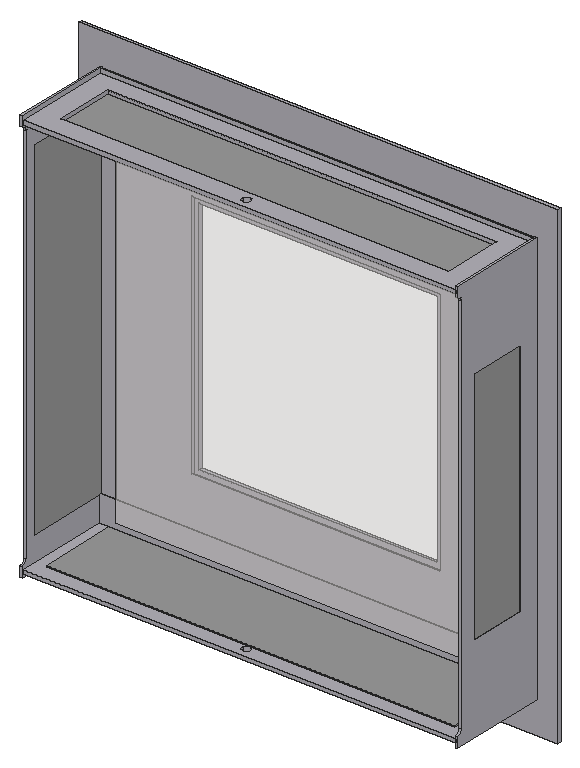
Revit family "Lighting - Lumetta - Sconce - W1612XX", category Lighting Fixtures, host Wall, Revit 2015
Parameters
  Wattage = 7.20335 W
  W1612XX URL [instance] = "https://lumetta.com/luminaires/silhouette-choices-12-sconce-2/"
  W1612XX Style [instance] = 1
  W161206 - Xina [instance] = W1612XX Style = 6  # no
  W161205 - Traverse [instance] = W1612XX Style = 5  # no
  W161204 - Moroccan [instance] = W1612XX Style = 4  # no
  W161203 - Scallop [instance] = W1612XX Style = 3  # no
  W161202 - Diamond [instance] = W1612XX Style = 2  # no
  W161201 - Simple [instance] = W1612XX Style = 1  # yes
  built-in parameter 1150110 = 1 (stored number, unit not read)
  URL = "https://lumetta.com/luminaires/silhouette-choices-12-sconce-2/"
  built-in parameter 1114217 = 1 (stored number, unit not read)
  built-in parameter 1150109 = 1 (stored number, unit not read)
  built-in parameter 1150134 = (empty or 0)
  built-in parameter 1150113 = 1 (stored number, unit not read)
  Model = "W1612XX"  # constant formula
  Manufacturer = "Lumetta, Inc."  # constant formula
  Lumens = 1070 lm
  built-in parameter 1150115 = 1 (stored number, unit not read)
  built-in parameter 1150105 = 85.148 (stored number, unit not read)
  Light Source Symbol Size = 0' - 1"
  built-in parameter 1150137 = (empty or 0)
  built-in parameter 1150139 = (empty or 0)
  built-in parameter 1150112 = 1 (stored number, unit not read)
  built-in parameter 1150114 = 1 (stored number, unit not read)
  built-in parameter 1150132 = 2
  built-in parameter 1150102 = (empty or 0)
  built-in parameter 1150138 = (empty or 0)
  built-in parameter 1150107 = 3000 (stored number, unit not read)
  built-in parameter 1150106 = 0.85148 (stored number, unit not read)
  Frame Finish [instance] = Paint - Lumetta - F02 - PC_Chrome
  built-in parameter 1150104 = 13.8 (stored number, unit not read)
  Dimming Lamp Color Temperature Shift = 1
  Diffuser Material [instance] = Shade - Lumetta - D61 - MT_White
  Description = "Silhouette Choices 12'' Sconce Various Styles"  # constant formula
  Color Filter = 16777215
  built-in parameter 1114218 = 1 (stored number, unit not read)
  built-in parameter 1150133 = 10 (stored number, unit not read)
Reference planes (in)
  plane 1: y = 0
  plane 2 "Light Source Axis (F/B)": y = 4
  plane 3 "Light Source Axis (L/R)": x = -1.43133
  plane 4 "Light Source Elevation": z = 77.42225
  plane 5 "Sconce-BTM": z = 71.42225
  plane 6 "Sconce-TOP": z = 83.42225
  plane 7 "Wall-Face": y = 3.00396
  plane 8 "Sconce Face": y = 5.5938
Forms (in)
  Extrusion 1, void
    sketch origin (0, 0, 83.42225) x (0, 1, 0) y (-1, 0, 0)
      loop
        circle (3.25396, 1.43133) r 0.10902
    from -12 to 0
  Extrusion 2, solid, material "Paint - Lumetta - F02 - PC_Chrome" <- "Frame Finish"
    sketch origin (-1.43133, 0, 0) x (0, -1, 0) y (0, 0, 1)
      loop
        line (-3.00396, 82.42225) -> (-3.00396, 82.516) -> (-5.50005, 82.516) -> (-5.50005, 81.766) -> (-5.4063, 81.766) -> (-5.4063, 82.42225) -> (-3.00396, 82.42225)
      loop
        line (-3.00396, 72.42225) -> (-5.4063, 72.42225) -> (-5.4063, 73.0785) -> (-5.50005, 73.0785) -> (-5.50005, 72.3285) -> (-3.00396, 72.3285) -> (-3.00396, 72.42225)
    from -5.43284 to 5.42878
  Extrusion 3, void
    sketch origin (0, 0, 77.42225) x (0, 1, 0) y (-1, 0, 0)
      loop
        line (5.00396, 6.30633) -> (3.50396, 6.30633) -> (3.50396, -3.44367) -> (5.00396, -3.44367) -> (5.00396, 6.30633)
    from -6 to 6
  Extrusion 4, solid, material "Paint - Lumetta - F02 - PC_Chrome" <- "Frame Finish"
    sketch origin (-1.43133, 0, 0) x (0, -1, 0) y (0, 0, 1)
      loop
        arc (-3.00396, 72.48475) -> (-3.09235, 72.52136) -> (-3.12896, 72.60975) r 0.125
        line (-3.12896, 72.60975) -> (-3.12896, 82.23475)
        arc (-3.12896, 82.23475) -> (-3.09235, 82.32314) -> (-3.00396, 82.35975) r 0.125
        line (-3.00396, 82.35975) -> (-3.00396, 82.60975) -> (-5.50005, 82.60975) -> (-5.50005, 72.23475) -> (-3.00396, 72.23475) -> (-3.00396, 72.48475)
      loop
        line (-3.50005, 74.42225) -> (-3.50005, 80.42225) -> (-5.00005, 80.42225) -> (-5.00005, 74.42225) -> (-3.50005, 74.42225)
    from 5.42878 to 5.48462
  Extrusion 5, solid, material "Paint - Lumetta - F02 - PC_Chrome" <- "Frame Finish"
    sketch origin (-1.43133, 0, 0) x (0, -1, 0) y (0, 0, -1)
      loop
        line (-3.00396, -72.48475) -> (-3.00396, -72.23475) -> (-5.50005, -72.23475) -> (-5.50005, -82.60975) -> (-3.00396, -82.60975) -> (-3.00396, -82.35975)
        arc (-3.00396, -82.35975) -> (-3.09235, -82.32314) -> (-3.12896, -82.23475) r 0.125
        line (-3.12896, -82.23475) -> (-3.12896, -72.60975)
        arc (-3.12896, -72.60975) -> (-3.09235, -72.52136) -> (-3.00396, -72.48475) r 0.125
      loop
        line (-3.50396, -74.42225) -> (-5.00005, -74.42225) -> (-5.00005, -80.42225) -> (-3.50396, -80.42225) -> (-3.50396, -74.42225)
    from 5.43284 to 5.48868
  Extrusion 6, solid, material "Paint - Lumetta - F02 - PC_Chrome" <- "Frame Finish"
    sketch origin (0, 5.5938, 0) x (-1, 0, 0) y (0, 0, 1)
      loop
        line (-1.69367, 80.54725) -> (-1.69367, 74.29725) -> (4.55633, 74.29725) -> (4.55633, 80.54725) -> (-1.69367, 80.54725)
      loop
        line (6.86883, 82.60975) -> (-4.00617, 82.60975) -> (-4.00617, 72.23475) -> (6.86883, 72.23475) -> (6.86883, 82.60975)
    from -0.15185 to -0.0933
  Extrusion 7, solid, material "Acrylic - P95 - Etched White"
    sketch origin (0, 0, 77.42225) x (0, 1, 0) y (-1, 0, 0)
      loop
        line (3.37896, 6.86883) -> (3.37896, 6.83758) -> (5.44196, 6.83758) -> (5.44196, 6.86883) -> (3.37896, 6.86883)
      loop
        line (5.43755, -4.00617) -> (5.43755, -3.97492) -> (3.37896, -3.97492) -> (3.37896, -4.00617) -> (5.43755, -4.00617)
    from -4.375 to 4.375
  Extrusion 8, solid, material "Acrylic - P95 - Etched White"
    sketch origin (-1.43133, 0, 0) x (0, -1, 0) y (0, 0, 1)
      loop
        line (-5.3438, 82.42225) -> (-5.3438, 82.391) -> (-3.37896, 82.391) -> (-3.37896, 82.42225) -> (-5.3438, 82.42225)
      loop
        line (-5.34821, 72.42225) -> (-3.37896, 72.42225) -> (-3.37896, 72.4535) -> (-5.34821, 72.4535) -> (-5.34821, 72.42225)
    from -5.11955 to 5.12228
  Extrusion 9, solid, material "Shade - Lumetta - D61 - MT_White" <- "Diffuser Material"
    sketch origin (0.00293, 5.5938, 0) x (-1, 0, 0) y (0, 0, 1)
      loop
        line (-3.56575, 82.29725) -> (-3.56575, 72.54725) -> (6.43425, 72.54725) -> (6.43425, 82.29725) -> (-3.56575, 82.29725)
    from -0.15185 to -0.19641
  Extrusion 10, solid, material "Paint - Lumetta - F02 - PC_Chrome" <- "Frame Finish", visible <- "W161201 - Simple"
    sketch origin (0, 5.5938, 0) x (-1, 0, 0) y (0, 0, 1)
      loop
        line (-1.56867, 80.42225) -> (-1.56867, 74.42225) -> (4.43133, 74.42225) -> (4.43133, 80.42225) -> (-1.56867, 80.42225)
      loop
        line (7.43133, 83.42225) -> (-4.56867, 83.42225) -> (-4.56867, 71.42225) -> (7.43133, 71.42225) -> (7.43133, 83.42225)
    from 0 to -0.0933
  Extrusion 11, solid, material "Paint - Lumetta - F02 - PC_Chrome" <- "Frame Finish", visible <- "W161202 - Diamond"
    sketch origin (0, 5.5938, 0) x (-1, 0, 0) y (0, 0, 1)
      loop
        line (-0.61584, 79.23515) -> (0.12188, 78.18658) -> (0.85961, 79.23515) -> (0.12188, 80.28371) -> (-0.61584, 79.23515)
      loop
        line (1.15113, 79.23515) -> (1.88886, 78.18658) -> (2.62658, 79.23515) -> (1.88886, 80.28371) -> (1.15113, 79.23515)
      loop
        line (2.91811, 79.23515) -> (3.65584, 78.18658) -> (4.39356, 79.23515) -> (3.65584, 80.28371) -> (2.91811, 79.23515)
      loop
        line (-1.49604, 77.98072) -> (-0.75832, 76.93216) -> (-0.02059, 77.98072) -> (-0.75832, 79.02928) -> (-1.49604, 77.98072)
      loop
        line (0.27093, 77.98072) -> (1.00866, 76.93216) -> (1.74639, 77.98072) -> (1.00866, 79.02928) -> (0.27093, 77.98072)
      loop
        line (-0.61584, 76.72524) -> (0.12188, 75.67668) -> (0.85961, 76.72524) -> (0.12188, 77.7738) -> (-0.61584, 76.72524)
      loop
        line (2.03791, 77.98072) -> (2.77564, 76.93216) -> (3.51336, 77.98072) -> (2.77564, 79.02928) -> (2.03791, 77.98072)
      loop
        line (1.15113, 76.72524) -> (1.88886, 75.67668) -> (2.62658, 76.72524) -> (1.88886, 77.7738) -> (1.15113, 76.72524)
      loop
        line (2.91811, 76.72524) -> (3.65584, 75.67668) -> (4.39356, 76.72524) -> (3.65584, 77.7738) -> (2.91811, 76.72524)
      loop
        line (-1.49604, 75.47081) -> (-0.75832, 74.42225) -> (-0.02059, 75.47081) -> (-0.75832, 76.51938) -> (-1.49604, 75.47081)
      loop
        line (0.27093, 75.47081) -> (1.00866, 74.42225) -> (1.74639, 75.47081) -> (1.00866, 76.51938) -> (0.27093, 75.47081)
      loop
        line (2.03791, 75.47081) -> (2.77564, 74.42225) -> (3.51336, 75.47081) -> (2.77564, 76.51938) -> (2.03791, 75.47081)
      loop
        line (-1.56867, 80.17508) -> (-1.56867, 78.29521) -> (-0.90737, 79.23515) -> (-1.56867, 80.17508)
      loop
        line (4.43133, 76.36119) -> (3.80489, 75.47081) -> (4.43133, 74.58044) -> (4.43133, 76.36119)
      loop
        line (2.08602, 80.42225) -> (2.77564, 79.44206) -> (3.46526, 80.42225) -> (2.08602, 80.42225)
      loop
        line (-1.56867, 77.66518) -> (-1.56867, 75.7853) -> (-0.90737, 76.72524) -> (-1.56867, 77.66518)
      loop
        line (4.43133, 78.8711) -> (3.80489, 77.98072) -> (4.43133, 77.09034) -> (4.43133, 78.8711)
      loop
        line (0.31904, 80.42225) -> (1.00866, 79.44206) -> (1.69828, 80.42225) -> (0.31904, 80.42225)
      loop
        line (4.43133, 80.42225) -> (3.85299, 80.42225) -> (4.43133, 79.60025) -> (4.43133, 80.42225)
      loop
        line (-1.44794, 80.42225) -> (-0.75832, 79.44206) -> (-0.0687, 80.42225) -> (-1.44794, 80.42225)
      loop
        line (-4.56867, 71.42225) -> (7.43133, 71.42225) -> (7.43133, 83.42225) -> (-4.56867, 83.42225) -> (-4.56867, 71.42225)
      loop
        line (3.65584, 75.26389) -> (3.06369, 74.42225) -> (4.24798, 74.42225) -> (3.65584, 75.26389)
      loop
        line (1.88886, 75.26389) -> (1.29671, 74.42225) -> (2.48101, 74.42225) -> (1.88886, 75.26389)
      loop
        line (0.12188, 75.26389) -> (-0.47027, 74.42225) -> (0.71403, 74.42225) -> (0.12188, 75.26389)
      loop
        line (-1.56867, 74.42225) -> (-1.05295, 74.42225) -> (-1.56867, 75.15527) -> (-1.56867, 74.42225)
    from 0 to -0.0933
  Extrusion 12, solid, material "Paint - Lumetta - F02 - PC_Chrome" <- "Frame Finish", visible <- "W161203 - Scallop"
    sketch origin (0, 5.5938, 0) x (-1, 0, 0) y (0, 0, 1)
      loop
        arc (3.2194, 77.95275) -> (3.65801, 78.41669) -> (4.23495, 78.6901) r 1.73113
        arc (4.23495, 78.6901) -> (3.57791, 79.23235) -> (2.7269, 79.19348) r 1.18461
        arc (2.7269, 79.19348) -> (2.43359, 78.98638) -> (2.20786, 78.70716) r 1.30441
        arc (2.20786, 78.70716) -> (2.78558, 78.42642) -> (3.2194, 77.95275) r 1.71421
      loop
        arc (3.2194, 76.21844) -> (3.65801, 76.68238) -> (4.23495, 76.95579) r 1.73113
        arc (4.23495, 76.95579) -> (3.57791, 77.49803) -> (2.7269, 77.45916) r 1.18461
        arc (2.7269, 77.45916) -> (2.43359, 77.25206) -> (2.20786, 76.97285) r 1.30441
        arc (2.20786, 76.97285) -> (2.78558, 76.69211) -> (3.2194, 76.21844) r 1.71421
      loop
        arc (3.2194, 74.48413) -> (3.65801, 74.94807) -> (4.23495, 75.22147) r 1.73113
        arc (4.23495, 75.22147) -> (3.57791, 75.76372) -> (2.7269, 75.72485) r 1.18461
        arc (2.7269, 75.72485) -> (2.43359, 75.51775) -> (2.20786, 75.23853) r 1.30441
        arc (2.20786, 75.23853) -> (2.78558, 74.95779) -> (3.2194, 74.48413) r 1.71421
      loop
        arc (0.83015, 77.95275) -> (1.26875, 78.41669) -> (1.8457, 78.6901) r 1.73113
        arc (1.8457, 78.6901) -> (1.18866, 79.23235) -> (0.33764, 79.19348) r 1.18461
        arc (0.33764, 79.19348) -> (0.04434, 78.98638) -> (-0.18139, 78.70716) r 1.30441
        arc (-0.18139, 78.70716) -> (0.39632, 78.42642) -> (0.83015, 77.95275) r 1.71421
      loop
        arc (0.83015, 76.21844) -> (1.26875, 76.68238) -> (1.8457, 76.95579) r 1.73113
        arc (1.8457, 76.95579) -> (1.18866, 77.49803) -> (0.33764, 77.45916) r 1.18461
        arc (0.33764, 77.45916) -> (0.04434, 77.25206) -> (-0.18139, 76.97285) r 1.30441
        arc (-0.18139, 76.97285) -> (0.39632, 76.69211) -> (0.83015, 76.21844) r 1.71421
      loop
        arc (0.83015, 74.48413) -> (1.26875, 74.94807) -> (1.8457, 75.22147) r 1.73113
        arc (1.8457, 75.22147) -> (1.18866, 75.76372) -> (0.33764, 75.72485) r 1.18461
        arc (0.33764, 75.72485) -> (0.04434, 75.51775) -> (-0.18139, 75.23853) r 1.30441
        arc (-0.18139, 75.23853) -> (0.39632, 74.95779) -> (0.83015, 74.48413) r 1.71421
      loop
        arc (4.43133, 74.99018) -> (3.98344, 74.86025) -> (3.61848, 74.56992) r 1.20445
        line (3.61848, 74.56992) -> (3.50576, 74.42225) -> (4.43133, 74.43071) -> (4.43133, 74.99018)
      loop
        arc (3.43003, 76.0544) -> (3.9837, 75.84229) -> (4.41763, 75.43824) r 1.55394
        arc (4.41763, 75.43824) -> (4.43333, 75.63527) -> (4.43133, 75.8329) r 2.20451
        line (4.43133, 75.8329) -> (4.42112, 76.72482)
        arc (4.42112, 76.72482) -> (3.9766, 76.59048) -> (3.61432, 76.29995) r 1.22159
        line (3.61432, 76.29995) -> (3.43003, 76.0544)
      loop
        arc (3.43003, 77.78871) -> (3.9837, 77.5766) -> (4.41763, 77.17256) r 1.55395
        arc (4.41763, 77.17256) -> (4.43333, 77.36958) -> (4.43133, 77.56722) r 2.20451
        line (4.43133, 77.56722) -> (4.42112, 78.45913)
        arc (4.42112, 78.45913) -> (3.9766, 78.3248) -> (3.61432, 78.03426) r 1.22159
        line (3.61432, 78.03426) -> (3.43003, 77.78871)
      loop
        arc (3.43003, 79.52303) -> (3.9837, 79.31092) -> (4.41763, 78.90687) r 1.55394
        arc (4.41763, 78.90687) -> (4.43333, 79.10389) -> (4.43133, 79.30153) r 2.2045
        line (4.43133, 79.30153) -> (4.42112, 80.19345)
        arc (4.42112, 80.19345) -> (3.9766, 80.05911) -> (3.61432, 79.76858) r 1.22159
        line (3.61432, 79.76858) -> (3.43003, 79.52303)
      loop
        arc (2.32402, 80.40452) -> (2.83828, 80.1209) -> (3.22432, 79.67832) r 1.68879
        arc (3.22432, 79.67832) -> (3.64646, 80.14477) -> (4.21107, 80.42225) r 1.6723
        line (4.21107, 80.42225) -> (2.32402, 80.40452)
      loop
        arc (2.94561, 74.43673) -> (2.53587, 74.82905) -> (1.9919, 74.98995) r 1.20289
        arc (1.9919, 74.98995) -> (1.54017, 74.82662) -> (1.17615, 74.51321) r 1.32737
        line (1.17615, 74.51321) -> (1.10393, 74.42225) -> (2.94561, 74.43673)
      loop
        arc (1.04078, 76.0544) -> (1.59133, 75.8378) -> (2.02147, 75.43159) r 1.55843
        arc (2.02147, 75.43159) -> (2.45469, 75.84386) -> (3.01457, 76.05404) r 1.49962
        arc (3.01457, 76.05404) -> (2.60044, 76.52283) -> (2.00846, 76.72486) r 1.22035
        arc (2.00846, 76.72486) -> (1.53935, 76.5619) -> (1.16589, 76.23458) r 1.29678
        line (1.16589, 76.23458) -> (1.04078, 76.0544)
      loop
        arc (1.04078, 77.78871) -> (1.59133, 77.57211) -> (2.02147, 77.16591) r 1.55843
        arc (2.02147, 77.16591) -> (2.45469, 77.57817) -> (3.01457, 77.78835) r 1.49962
        arc (3.01457, 77.78835) -> (2.60044, 78.25714) -> (2.00846, 78.45917) r 1.22035
        arc (2.00846, 78.45917) -> (1.53935, 78.29622) -> (1.16589, 77.96889) r 1.29678
        line (1.16589, 77.96889) -> (1.04078, 77.78871)
      loop
        arc (1.04078, 79.52303) -> (1.59133, 79.30642) -> (2.02147, 78.90022) r 1.55843
        arc (2.02147, 78.90022) -> (2.45469, 79.31248) -> (3.01457, 79.52267) r 1.49962
        arc (3.01457, 79.52267) -> (2.60044, 79.99145) -> (2.00846, 80.19348) r 1.22035
        arc (2.00846, 80.19348) -> (1.53935, 80.03053) -> (1.16589, 79.7032) r 1.29678
        line (1.16589, 79.7032) -> (1.04078, 79.52303)
      loop
        arc (-0.06524, 80.40452) -> (0.44903, 80.1209) -> (0.83507, 79.67832) r 1.68879
        arc (0.83507, 79.67832) -> (1.25721, 80.14477) -> (1.82182, 80.42225) r 1.6723
        line (1.82182, 80.42225) -> (-0.06524, 80.40452)
      loop
        arc (0.55636, 74.43673) -> (0.14662, 74.82905) -> (-0.39736, 74.98995) r 1.20288
        arc (-0.39736, 74.98995) -> (-0.84909, 74.82662) -> (-1.21311, 74.51321) r 1.32737
        line (-1.21311, 74.51321) -> (-1.28533, 74.42225) -> (0.55636, 74.43673)
      loop
        arc (-1.34848, 76.0544) -> (-0.79793, 75.8378) -> (-0.36778, 75.43159) r 1.55843
        arc (-0.36778, 75.43159) -> (0.06544, 75.84386) -> (0.62532, 76.05404) r 1.49962
        arc (0.62532, 76.05404) -> (0.21119, 76.52283) -> (-0.38079, 76.72486) r 1.22035
        arc (-0.38079, 76.72486) -> (-0.8499, 76.5619) -> (-1.22336, 76.23458) r 1.29678
        line (-1.22336, 76.23458) -> (-1.34848, 76.0544)
      loop
        arc (-1.34848, 77.78871) -> (-0.79793, 77.57211) -> (-0.36778, 77.16591) r 1.55843
        arc (-0.36778, 77.16591) -> (0.06544, 77.57817) -> (0.62532, 77.78835) r 1.49962
        arc (0.62532, 77.78835) -> (0.21119, 78.25714) -> (-0.38079, 78.45917) r 1.22035
        arc (-0.38079, 78.45917) -> (-0.8499, 78.29622) -> (-1.22336, 77.96889) r 1.29678
        line (-1.22336, 77.96889) -> (-1.34848, 77.78871)
      loop
        arc (-1.34848, 79.52303) -> (-0.79793, 79.30642) -> (-0.36778, 78.90022) r 1.55843
        arc (-0.36778, 78.90022) -> (0.06544, 79.31248) -> (0.62532, 79.52267) r 1.49962
        arc (0.62532, 79.52267) -> (0.21119, 79.99145) -> (-0.38079, 80.19348) r 1.22035
        arc (-0.38079, 80.19348) -> (-0.8499, 80.03053) -> (-1.22336, 79.7032) r 1.29678
        line (-1.22336, 79.7032) -> (-1.34848, 79.52303)
      loop
        arc (-1.56867, 74.49371) -> (-1.55207, 74.48251) -> (-1.5395, 74.4981) r 0.01481
        arc (-1.5395, 74.4981) -> (-1.11443, 74.95514) -> (-0.54795, 75.21718) r 1.6173
        arc (-0.54795, 75.21718) -> (-0.97992, 75.65433) -> (-1.56867, 75.83057) r 1.24082
        line (-1.56867, 75.83057) -> (-1.56867, 74.49371)
      loop
        arc (-1.56867, 76.22802) -> (-1.55207, 76.21682) -> (-1.5395, 76.23242) r 0.01481
        arc (-1.5395, 76.23242) -> (-1.11443, 76.68945) -> (-0.54795, 76.95149) r 1.6173
        arc (-0.54795, 76.95149) -> (-0.97992, 77.38864) -> (-1.56867, 77.56489) r 1.24082
        line (-1.56867, 77.56489) -> (-1.56867, 76.22802)
      loop
        arc (-1.56867, 77.96234) -> (-1.55207, 77.95114) -> (-1.5395, 77.96673) r 0.01481
        arc (-1.5395, 77.96673) -> (-1.11443, 78.42376) -> (-0.54795, 78.6858) r 1.61731
        arc (-0.54795, 78.6858) -> (-0.97992, 79.12295) -> (-1.56867, 79.2992) r 1.24083
        line (-1.56867, 79.2992) -> (-1.56867, 77.96234)
      loop
        line (-0.56486, 80.42225) -> (-1.56867, 80.41256) -> (-1.56867, 79.70353)
        arc (-1.56867, 79.70353) -> (-1.13165, 80.15352) -> (-0.56486, 80.42225) r 1.76508
      loop
        line (-4.56867, 71.42225) -> (7.43133, 71.42225) -> (7.43133, 83.42225) -> (-4.56867, 83.42225) -> (-4.56867, 71.42225)
    from 0 to -0.0933
  Extrusion 13, solid, material "Paint - Lumetta - F02 - PC_Chrome" <- "Frame Finish", visible <- "W161204 - Moroccan"
    sketch origin (0, 5.5938, 0) x (-1, 0, 0) y (0, 0, 1)
      loop
        line (-4.56867, 71.42225) -> (7.43133, 71.42225) -> (7.43133, 83.42225) -> (-4.56867, 83.42225) -> (-4.56867, 71.42225)
      loop
        line (-0.23771, 78.479) -> (0.21668, 77.67427) -> (0.68148, 77.95176) -> (0.68148, 78.479) -> (-0.23771, 78.479)
      loop
        line (-0.4666, 78.35413) -> (-0.93144, 77.54593) -> (-0.4666, 77.28231) -> (-0.00531, 77.54593) -> (-0.4666, 78.35413)
      loop
        line (-0.24349, 78.73915) -> (0.6757, 78.73915) -> (0.6757, 79.26638) -> (0.2109, 79.54387) -> (-0.24349, 78.73915)
      loop
        line (-0.46553, 78.86402) -> (-0.00069, 79.67221) -> (-0.46553, 79.93583) -> (-0.92682, 79.67221) -> (-0.46553, 78.86402)
      loop
        line (2.31083, 78.479) -> (2.76523, 77.67427) -> (3.23003, 77.95176) -> (3.23003, 78.479) -> (2.31083, 78.479)
      loop
        line (1.85991, 78.479) -> (0.94072, 78.479) -> (0.94072, 77.95176) -> (1.40552, 77.67427) -> (1.85991, 78.479)
      loop
        line (2.08195, 78.35413) -> (1.6171, 77.54593) -> (2.08195, 77.28231) -> (2.54323, 77.54593) -> (2.08195, 78.35413)
      loop
        line (1.85413, 78.73915) -> (1.39974, 79.54387) -> (0.93494, 79.26638) -> (0.93494, 78.73915) -> (1.85413, 78.73915)
      loop
        line (2.30505, 78.73915) -> (3.22425, 78.73915) -> (3.22425, 79.26638) -> (2.75945, 79.54387) -> (2.30505, 78.73915)
      loop
        line (2.08302, 78.86402) -> (2.54786, 79.67221) -> (2.08302, 79.93583) -> (1.62173, 79.67221) -> (2.08302, 78.86402)
      loop
        line (4.40846, 78.479) -> (3.48927, 78.479) -> (3.48927, 77.95176) -> (3.95406, 77.67427) -> (4.40846, 78.479)
      loop
        line (4.40268, 78.73915) -> (3.94828, 79.54387) -> (3.48348, 79.26638) -> (3.48348, 78.73915) -> (4.40268, 78.73915)
      loop
        line (-1.51225, 76.27102) -> (-1.05786, 75.46629) -> (-0.59306, 75.74378) -> (-0.59306, 76.27102) -> (-1.51225, 76.27102)
      loop
        line (-1.51803, 76.53117) -> (-0.59884, 76.53117) -> (-0.59884, 77.0584) -> (-1.06364, 77.33589) -> (-1.51803, 76.53117)
      loop
        line (1.03629, 76.27102) -> (1.49069, 75.46629) -> (1.95549, 75.74378) -> (1.95549, 76.27102) -> (1.03629, 76.27102)
      loop
        line (0.58537, 76.27102) -> (-0.33382, 76.27102) -> (-0.33382, 75.74378) -> (0.13098, 75.46629) -> (0.58537, 76.27102)
      loop
        line (0.80741, 76.14615) -> (0.34256, 75.33795) -> (0.80741, 75.07433) -> (1.26869, 75.33795) -> (0.80741, 76.14615)
      loop
        line (0.57959, 76.53117) -> (0.1252, 77.33589) -> (-0.3396, 77.0584) -> (-0.3396, 76.53117) -> (0.57959, 76.53117)
      loop
        line (1.03051, 76.53117) -> (1.94971, 76.53117) -> (1.94971, 77.0584) -> (1.48491, 77.33589) -> (1.03051, 76.53117)
      loop
        line (0.80847, 76.65604) -> (1.27332, 77.46423) -> (0.80847, 77.72785) -> (0.34719, 77.46423) -> (0.80847, 76.65604)
      loop
        line (3.13392, 76.27102) -> (2.21472, 76.27102) -> (2.21472, 75.74378) -> (2.67952, 75.46629) -> (3.13392, 76.27102)
      loop
        line (3.35596, 76.14615) -> (2.89111, 75.33795) -> (3.35596, 75.07433) -> (3.81724, 75.33795) -> (3.35596, 76.14615)
      loop
        line (3.12814, 76.53117) -> (2.67374, 77.33589) -> (2.20894, 77.0584) -> (2.20894, 76.53117) -> (3.12814, 76.53117)
      loop
        line (3.35702, 76.65604) -> (3.82187, 77.46423) -> (3.35702, 77.72785) -> (2.89574, 77.46423) -> (3.35702, 76.65604)
      loop
        line (-0.46553, 74.42225) -> (-0.00069, 75.23044) -> (-0.46553, 75.49406) -> (-0.92682, 75.23044) -> (-0.46553, 74.42225)
      loop
        line (2.08302, 74.42225) -> (2.54786, 75.23044) -> (2.08302, 75.49406) -> (1.62173, 75.23044) -> (2.08302, 74.42225)
      loop
        line (3.27481, 80.42225) -> (2.89111, 79.75513) -> (3.35596, 79.49151) -> (3.81724, 79.75513) -> (3.43648, 80.42225) -> (3.27481, 80.42225)
      loop
        line (2.21472, 80.42225) -> (2.21472, 80.16096) -> (2.67952, 79.88347) -> (2.98375, 80.42225) -> (2.21472, 80.42225)
      loop
        line (4.33217, 74.42225) -> (3.94828, 75.10211) -> (3.48348, 74.82461) -> (3.48348, 74.42225) -> (4.33217, 74.42225)
      loop
        line (-1.56867, 75.84398) -> (-1.56867, 75.17289) -> (-1.27985, 75.33795) -> (-1.56867, 75.84398)
      loop
        line (4.43133, 79.8214) -> (4.17028, 79.67222) -> (4.43133, 79.21485) -> (4.43133, 79.8214)
      loop
        line (1.18646, 80.42225) -> (1.49069, 79.88347) -> (1.95549, 80.16096) -> (1.95549, 80.42225) -> (1.18646, 80.42225)
      loop
        line (3.22425, 74.42225) -> (3.22425, 74.82461) -> (2.75945, 75.10211) -> (2.37556, 74.42225) -> (3.22425, 74.42225)
      loop
        line (-1.56867, 77.63065) -> (-1.56867, 76.95404) -> (-1.27523, 77.46423) -> (-1.56867, 77.63065)
      loop
        line (4.43133, 78.00784) -> (4.16565, 77.54593) -> (4.43133, 77.39527) -> (4.43133, 78.00784)
      loop
        line (0.72627, 80.42225) -> (0.34256, 79.75513) -> (0.80741, 79.49151) -> (1.26869, 79.75513) -> (0.88793, 80.42225) -> (0.72627, 80.42225)
      loop
        line (1.78362, 74.42225) -> (1.39974, 75.10211) -> (0.93494, 74.82461) -> (0.93494, 74.42225) -> (1.78362, 74.42225)
      loop
        line (-1.56867, 78.479) -> (-1.56867, 77.92839) -> (-1.14303, 77.67427) -> (-0.68864, 78.479) -> (-1.56867, 78.479)
      loop
        line (4.43133, 77.09836) -> (4.03345, 77.33589) -> (3.57906, 76.53117) -> (4.43133, 76.53117) -> (4.43133, 77.09836)
      loop
        line (-0.33382, 80.42225) -> (-0.33382, 80.16096) -> (0.13098, 79.88347) -> (0.4352, 80.42225) -> (-0.33382, 80.42225)
      loop
        line (0.6757, 74.42225) -> (0.6757, 74.82461) -> (0.2109, 75.10211) -> (-0.17298, 74.42225) -> (0.6757, 74.42225)
      loop
        line (-1.56867, 78.73915) -> (-0.69442, 78.73915) -> (-1.14881, 79.54388) -> (-1.56867, 79.29321) -> (-1.56867, 78.73915)
      loop
        line (4.43133, 76.27102) -> (3.58484, 76.27102) -> (4.03924, 75.46629) -> (4.43133, 75.70037) -> (4.43133, 76.27102)
      loop
        line (-1.36208, 80.42225) -> (-1.05786, 79.88347) -> (-0.59306, 80.16096) -> (-0.59306, 80.42225) -> (-1.36208, 80.42225)
      loop
        line (-0.76493, 74.42225) -> (-1.14881, 75.10211) -> (-1.56867, 74.85144) -> (-1.56867, 74.42225) -> (-0.76493, 74.42225)
      loop
        line (-1.56867, 80.26116) -> (-1.56867, 79.59007) -> (-1.27985, 79.75513) -> (-1.56867, 80.26116)
      loop
        line (4.43133, 75.37963) -> (4.17028, 75.23045) -> (4.43133, 74.77308) -> (4.43133, 75.37963)
      loop
        line (3.73501, 80.42225) -> (4.03924, 79.88347) -> (4.43133, 80.11755) -> (4.43133, 80.42225) -> (3.73501, 80.42225)
    from 0 to -0.0933
  Extrusion 14, solid, material "Paint - Lumetta - F02 - PC_Chrome" <- "Frame Finish", visible <- "W161205 - Traverse"
    sketch origin (0, 5.5938, 0) x (-1, 0, 0) y (0, 0, 1)
      loop
        line (-1.56867, 80.42225) -> (-1.56867, 79.48015) -> (-1.14488, 80.42225) -> (-1.56867, 80.42225)
      loop
        line (-0.77549, 80.42225) -> (-1.56867, 78.63213) -> (-1.55199, 76.87262) -> (-0.96016, 77.86954) -> (-0.04978, 80.42225) -> (-0.77549, 80.42225)
      loop
        arc (-1.08692, 74.42225) -> (-0.63296, 76.22945) -> (-0.24881, 78.05277) r 48.46144
        line (-0.24881, 78.05277) -> (-0.99747, 76.81555) -> (-1.55199, 75.50263) -> (-1.56867, 74.43664) -> (-1.08692, 74.42225)
      loop
        arc (-0.48039, 74.43587) -> (0.22259, 76.60096) -> (0.90132, 78.77377) r 203.62884
        arc (0.90132, 78.77377) -> (1.13335, 79.59477) -> (1.3439, 80.42154) r 32.71918
        line (1.3439, 80.42154) -> (1.17791, 80.42225) -> (0.26417, 78.76928)
        arc (0.26417, 78.76928) -> (-0.22139, 76.59037) -> (-0.75301, 74.42225) r 105.33939
        line (-0.75301, 74.42225) -> (-0.48039, 74.43587)
      loop
        line (0.26321, 80.3312) -> (-0.3116, 78.62082) -> (0.09769, 79.3934) -> (0.26321, 80.3312)
      loop
        arc (0.89854, 74.85903) -> (1.97171, 77.64626) -> (3.07362, 80.42225) r 289.05951
        line (3.07362, 80.42225) -> (2.87796, 80.42225) -> (2.58883, 79.76675)
        arc (2.58883, 79.76675) -> (1.32369, 77.06571) -> (-0.05773, 74.42225) r 68.55757
        line (-0.05773, 74.42225) -> (0.71859, 74.42225) -> (0.89854, 74.85903)
      loop
        line (3.20329, 79.93072) -> (1.09569, 74.42225) -> (1.94999, 74.42225) -> (2.49795, 75.55014) -> (3.20329, 79.93072)
      loop
        arc (1.66798, 80.42225) -> (1.02574, 78.11649) -> (0.31214, 75.83181) r 76.99336
        arc (0.31214, 75.83181) -> (1.49285, 78.08566) -> (2.52412, 80.41169) r 39.01029
        line (2.52412, 80.41169) -> (1.66798, 80.42225)
      loop
        line (2.62575, 74.56688) -> (2.6128, 74.42225) -> (3.27474, 74.42225) -> (3.72321, 76.83992) -> (2.62575, 74.56688)
      loop
        arc (4.11822, 78.82208) -> (4.25271, 79.13046) -> (4.32184, 79.45972) r 1.64941
        arc (4.32184, 79.45972) -> (4.42416, 79.93013) -> (4.43133, 80.41149) r 2.41988
        line (4.43133, 80.41149) -> (3.6649, 80.42225)
        arc (3.6649, 80.42225) -> (3.2815, 78.41719) -> (2.93116, 76.40608) r 123.98199
        line (2.93116, 76.40608) -> (4.11822, 78.82208)
      loop
        line (3.78082, 74.5532) -> (3.76047, 74.42225) -> (4.43133, 74.43262) -> (4.43133, 76.09304) -> (3.78082, 74.5532)
      loop
        line (4.43133, 77.56482) -> (4.09756, 76.15348) -> (4.43133, 76.84429) -> (4.43133, 77.56482)
      loop
        line (-4.56867, 71.42225) -> (7.43133, 71.42225) -> (7.43133, 83.42225) -> (-4.56867, 83.42225) -> (-4.56867, 71.42225)
    from 0 to -0.0933
  Extrusion 15, solid, material "Paint - Lumetta - F02 - PC_Chrome" <- "Frame Finish", visible <- "W161206 - Xina"
    sketch origin (0, 5.5938, 0) x (-1, 0, 0) y (0, 0, 1)
      loop
        line (0.46105, 74.99308) -> (1.1496, 75.31317) -> (-0.07189, 75.12879) -> (0.46105, 74.99308)
      loop
        line (2.07322, 77.32667) -> (4.43133, 76.89194) -> (4.43133, 78.341) -> (2.07322, 77.32667)
      loop
        line (-4.56867, 71.42225) -> (7.43133, 71.42225) -> (7.43133, 83.42225) -> (-4.56867, 83.42225) -> (-4.56867, 71.42225)
      loop
        line (-0.01066, 80.05679) -> (1.28542, 80.42225) -> (-1.56867, 80.42225) -> (-0.01066, 80.05679)
      loop
        line (-1.56867, 80.25529) -> (-1.56867, 79.65382) -> (-0.40505, 79.96313) -> (-1.56867, 80.25529)
      loop
        line (-1.56867, 79.15194) -> (-1.56867, 78.14467) -> (-0.71031, 78.3936) -> (-1.56867, 79.15194)
      loop
        line (-1.56867, 77.81243) -> (-1.56867, 76.14793) -> (0.76047, 77.11036) -> (0.34401, 77.47197) -> (-1.56867, 77.81243)
      loop
        line (-1.56867, 75.76011) -> (-1.56867, 75.50994) -> (-0.49706, 75.23706) -> (1.83241, 75.58868) -> (2.24637, 75.80106) -> (1.02351, 76.87514) -> (-1.56867, 75.76011)
      loop
        line (-1.56867, 75.33277) -> (-1.56867, 75.03943) -> (-0.92508, 75.16953) -> (-1.56867, 75.33277)
      loop
        line (-1.56867, 74.89488) -> (-1.56867, 74.42225) -> (-0.85313, 74.42225) -> (0.18898, 74.88583) -> (-0.50536, 75.06265) -> (-1.56867, 74.89488)
      loop
        line (-0.43171, 74.42225) -> (2.00947, 74.42225) -> (0.45699, 74.81759) -> (-0.43171, 74.42225)
      loop
        line (1.83952, 75.4326) -> (0.70935, 74.92985) -> (2.70268, 74.42225) -> (3.79614, 74.42225) -> (2.54004, 75.54313) -> (1.83952, 75.4326)
      loop
        line (4.43133, 75.84152) -> (2.7608, 75.57796) -> (4.0766, 74.42225) -> (4.43133, 74.42225) -> (4.43133, 75.84152)
      loop
        line (4.43133, 76.58557) -> (2.59373, 75.76811) -> (2.59373, 75.7247) -> (4.43133, 76.01463) -> (4.43133, 76.58557)
      loop
        line (4.43133, 78.72857) -> (4.43133, 78.77946) -> (2.70234, 79.18054) -> (-0.47299, 78.31949) -> (0.43495, 77.62083) -> (1.43252, 77.43888) -> (4.43133, 78.72857)
      loop
        line (4.43133, 78.95634) -> (4.43133, 79.70654) -> (3.03131, 79.30053) -> (4.43133, 78.95634)
      loop
        line (4.43133, 79.90035) -> (4.43133, 80.42225) -> (2.71319, 80.42225) -> (0.67183, 79.88061) -> (2.69885, 79.38227) -> (4.43133, 79.90035)
      loop
        line (2.41924, 75.87796) -> (4.34376, 76.73408) -> (1.80352, 77.21066) -> (1.19832, 76.95033) -> (2.41924, 75.87796)
      loop
        line (0.90194, 77.21066) -> (1.18543, 77.30605) -> (0.68473, 77.40144) -> (0.90194, 77.21066)
      loop
        line (0.10628, 77.68077) -> (-0.55687, 78.25995) -> (-1.52689, 77.97864) -> (0.10628, 77.68077)
      loop
        line (0.32105, 79.80031) -> (-1.51262, 79.33144) -> (-0.51076, 78.45147) -> (2.45626, 79.28131) -> (0.32105, 79.80031)
    from 0 to -0.0933
Cuts and joins
  Extrusion 1, Extrusion 3 cuts Extrusion 2
Text (in)
  text "Placement Side" at (0, 40.15149, 123.01588), in view "Right"
  text "Placement Side" at (-70.3804, 28.46503, 0), in view "Ref. Level"
  text "Placement Side" at (0, 85.69064, 140.59947), in view "Left"
  text "PIT->" at (-112.14149, 0, 10.78816), in view "Placement Side"
Dimensions and locks (in)
  plane 4 "Light Source Elevation" to plane 6 "Sconce-TOP" = 0' - 6"
  plane 5 "Sconce-BTM" to plane 4 "Light Source Elevation" = 0' - 6"
  locked: Extrusion 1 sketch curve to plane 7 "Wall-Face" at 0.25
  locked: Extrusion 2 sketch curve to Extrusion 2 sketch curve at 0.09375  (x4)
  locked: Extrusion 2 sketch curve to Extrusion 2 sketch curve at 0.75  (x2)
  locked: Extrusion 2 sketch curve to plane 7 "Wall-Face"
  locked: plane 5 "Sconce-BTM" to Extrusion 2 sketch curve at 0.90625
  locked: Extrusion 2 sketch curve to plane 6 "Sconce-TOP" at 0.90625
  locked: Extrusion 3 sketch curve to Extrusion 3 sketch curve at 9.75
  locked: Extrusion 3 sketch curve to Extrusion 3 sketch curve at 1.5
  locked: Extrusion 3 sketch curve to plane 7 "Wall-Face" at 0.5
  locked: Extrusion 4 to Extrusion 4 at 0.05584
  locked: Extrusion 5 to Extrusion 5 at 0.05584
  cut or joined group of Extrusion 1, Extrusion 2, Extrusion 3 to plane 3 "Light Source Axis (L/R)" = 0' - 5.42878"
  plane 3 "Light Source Axis (L/R)" to cut or joined group of Extrusion 1, Extrusion 2, Extrusion 3 = 0' - 5.43284"
  plane 3 "Light Source Axis (L/R)" to Extrusion 5 = 0' - 5.48868"
  Extrusion 4 to plane 3 "Light Source Axis (L/R)" = 0' - 5.48462"
  locked: Extrusion 6 sketch curve to plane 3 "Light Source Axis (L/R)" at 5.4375
  locked: Extrusion 6 sketch curve to Extrusion 6 sketch curve at 10.875
  locked: plane 3 "Light Source Axis (L/R)" to Extrusion 6 sketch curve at 3.125
  locked: Extrusion 6 sketch curve to Extrusion 6 sketch curve at 6.25  (x2)
  locked: Extrusion 6 to Extrusion 6 at 0.05854
  locked: Extrusion 7 sketch curve to Extrusion 7 sketch curve at 0.03125  (x2)
  locked: cut or joined group of Extrusion 1, Extrusion 2, Extrusion 3 to Extrusion 8 sketch curve at 0.03125
  locked: Extrusion 8 sketch curve to Extrusion 8 sketch curve at 0.03125
  locked: plane 3 "Light Source Axis (L/R)" to Extrusion 8 at 5.11955
  locked: Extrusion 8 to plane 3 "Light Source Axis (L/R)" at 5.12228
  locked: Extrusion 7 sketch curve to plane 3 "Light Source Axis (L/R)" at 5.4375
  locked: plane 3 "Light Source Axis (L/R)" to Extrusion 7 sketch curve at 5.4375
  locked: plane 3 "Light Source Axis (L/R)" to Extrusion 9 sketch curve at 5
  locked: Extrusion 9 sketch curve to Extrusion 9 sketch curve at 10
  locked: Extrusion 9 sketch curve to plane 6 "Sconce-TOP" at 1.125
  locked: plane 5 "Sconce-BTM" to Extrusion 9 sketch curve at 1.125
  locked: plane 8 "Sconce Face" to Extrusion 9 at 0.15185
  locked: Extrusion 9 to Extrusion 9 at 0.04456
  locked: Extrusion 2 sketch curve to plane 7 "Wall-Face" at 0
  locked: plane 8 "Sconce Face" to plane 7 "Wall-Face" at 2.58984
  locked: plane 7 "Wall-Face" to host wall at 0
  locked: plane 8 "Sconce Face" to Extrusion 8 sketch curve at 0.2456
  locked: plane 8 "Sconce Face" to Extrusion 8 sketch curve at 0.25
  locked: Extrusion 10 sketch curve to plane 6 "Sconce-TOP"
  locked: Extrusion 10 sketch curve to plane 5 "Sconce-BTM" at 0
  locked: Extrusion 10 sketch curve to Extrusion 10 sketch curve at 3
  locked: Extrusion 10 sketch curve to plane 6 "Sconce-TOP" at 3
  locked: Extrusion 10 sketch curve to plane 3 "Light Source Axis (L/R)" at 6
  locked: Extrusion 10 sketch curve to Extrusion 10 sketch curve at 12
  locked: Extrusion 10 sketch curve to plane 3 "Light Source Axis (L/R)" at 3
  locked: Extrusion 10 sketch curve to Extrusion 10 sketch curve at 6
  locked: Extrusion 10 to plane 8 "Sconce Face" at 0.0933
  locked: Extrusion 10 to plane 8 "Sconce Face" at 0
  locked: Extrusion 11 to plane 8 "Sconce Face" at 0.0933
  locked: Extrusion 12 to plane 8 "Sconce Face" at 0.0933
  locked: Extrusion 12 to plane 8 "Sconce Face" at 0
  locked: Extrusion 11 to plane 8 "Sconce Face" at 0
  locked: Extrusion 13 to plane 8 "Sconce Face" at 0.0933
  locked: Extrusion 13 to plane 8 "Sconce Face" at 0
  locked: Extrusion 14 to plane 8 "Sconce Face" at 0.0933
  locked: Extrusion 14 to plane 8 "Sconce Face" at 0
  locked: Extrusion 15 to plane 8 "Sconce Face" at 0.0933
  locked: Extrusion 15 to plane 8 "Sconce Face" at 0
  locked: plane 8 "Sconce Face" to Extrusion 4 sketch curve at 0.09375
  locked: Extrusion 4 sketch curve to plane 7 "Wall-Face" at 0  (x4)
  locked: Extrusion 4 sketch curve to Extrusion 4 sketch curve at 0.5
  locked: Extrusion 4 sketch curve to Extrusion 4 sketch curve at 1.5
  locked: Extrusion 4 sketch curve to Extrusion 4 sketch curve at 2.1875
  Extrusion 4 sketch curve to Extrusion 4 sketch curve = 0' - 2 3/16"
  locked: Extrusion 4 sketch curve to Extrusion 4 sketch curve at 0.375  (x2)
  locked: Extrusion 4 sketch curve to plane 7 "Wall-Face" at 0.125
  locked: Extrusion 5 sketch curve to plane 8 "Sconce Face" at 0.09375
  locked: Extrusion 5 sketch curve to plane 7 "Wall-Face" at 0  (x3)
  locked: Extrusion 5 sketch curve to Extrusion 5 sketch curve at 0.5
  Extrusion 5 sketch curve to Extrusion 5 sketch curve = 0' - 1 127/256"
  locked: Extrusion 5 sketch curve to Extrusion 5 sketch curve at 0.375  (x3)
  locked: Extrusion 5 sketch curve to Extrusion 5 sketch curve at 2.1875  (x2)
  locked: cut or joined group of Extrusion 1, Extrusion 2, Extrusion 3 to Extrusion 8 sketch curve at 0  (x2)
  locked: Extrusion 8 sketch curve to plane 7 "Wall-Face" at 0.375  (x2)
  locked: Extrusion 7 sketch curve to plane 8 "Sconce Face" at 0.15185
  locked: Extrusion 7 sketch curve to plane 8 "Sconce Face" at 0.15625
  locked: Extrusion 7 sketch curve to host wall at 0.375
  locked: Extrusion 7 sketch curve to plane 7 "Wall-Face" at 0.375
  locked: plane 8 "Sconce Face" to Extrusion 2 sketch curve at 0.09375  (x2)
  locked: Extrusion 5 sketch curve to Extrusion 4 at 0.125  (x2)
  locked: cut or joined group of Extrusion 1, Extrusion 2, Extrusion 3 to plane 3 "Light Source Axis (L/R)" at 5.42878
  locked: cut or joined group of Extrusion 1, Extrusion 2, Extrusion 3 to plane 3 "Light Source Axis (L/R)" at 5.43284
  locked: plane 3 "Light Source Axis (L/R)" to Extrusion 3 sketch curve at 4.875
  locked: plane 3 "Light Source Axis (L/R)" to Extrusion 5 at 5.43284
  locked: plane 3 "Light Source Axis (L/R)" to Extrusion 4 at 5.42878
  Extrusion 5 sketch curve to plane 6 "Sconce-TOP" = 0' - 0 13/16"
  Extrusion 5 sketch curve to plane 5 "Sconce-BTM" = 0' - 0 13/16"
  plane 6 "Sconce-TOP" to Extrusion 4 sketch curve = 0' - 0 13/16"
  locked: plane 5 "Sconce-BTM" to Extrusion 4 sketch curve at 0.8125
  locked: Extrusion 6 sketch curve to plane 4 "Light Source Elevation" at 3.125
  locked: Extrusion 6 sketch curve to plane 6 "Sconce-TOP" at 0.8125
  locked: plane 5 "Sconce-BTM" to Extrusion 6 sketch curve at 0.8125
  aligned: level to host wall
  aligned and locked: plane 2 "Light Source Axis (F/B)" to imposter light
  aligned and locked: Extrusion 1 to plane 5 "Sconce-BTM"
  aligned and locked: plane 6 "Sconce-TOP" to Extrusion 1
  aligned and locked: plane 6 "Sconce-TOP" to Extrusion 3
  aligned and locked: Extrusion 3 to plane 5 "Sconce-BTM"
